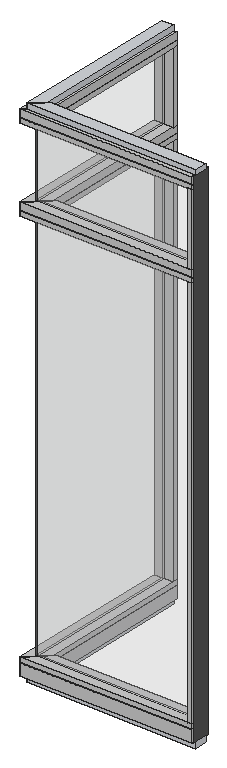
Revit family "Haworth_Enclose_Wall_GlassCornerTransom", category Furniture Systems, Revit 2018
Family settings
  Round Connector Dimension = Use Diameter
  Part Type = Normal
  OmniClass Number = 23.25.40.14
  OmniClass Title = Demountable Partitions
  Work Plane-Based = No
  Always vertical = Yes
  Cut with Voids When Loaded = No
  Shared = Yes
  Room Calculation Point = No
Parameters (values of type "36" x 108"_90 Degree")
  Width 1 = 36"
  Warranty = "http://www.haworth.com/resources/product-info/warranties"
  URL - Product = "http://www.haworth.com/products/architectural-interiors/moveable-walls/enclose"
  Type Comments = ""
  Sustainability Info = "http://www.haworth.com/company-info/sustainablility"
  Panel Height 2 = Actual Height - Actual Glass Panel Height - Horizontal Transom Frame Width - Horizontal Top Adjuster Width - Horizontal Frame Width  # 14"
  Model = "Haworth - Enclose Wall"  # constant formula
  Material Options = "http://surfaces.haworth.com/haworth-surface-collection"
  Width 2 = 36"
  Vertical Frame Width = 0.875"  # constant formula
  URL = "www.haworth.com"
  Size = "Verify Final Dim. w/ Haworth"  # constant formula
  Revision Number = "3"  # constant formula
  Panel Width = Actual Width 2 - (2 * Vertical Frame Width) - (2 * End of Run Width)  # 33.94"
  Panel Height 1 = Actual Glass Panel Height - Horizontal Bottom Adjuster Width - Horizontal Frame Width  # 83.255"
  Panel Depth = 0.4"  # constant formula
  Min/Max Width = "8-60 in."  # constant formula
  Min/Max Height = "92-144 in."  # constant formula
  Horizontal Transom Frame Width = 2.5"  # constant formula
  Horizontal Top Trim Width = 1.43"  # constant formula
  Horizontal Top Adjuster Width = Cap Height + Horizontal Top Trim Width + 0.195"  # 2.625"
  Horizontal Bottom Adjuster Width = Base Height + Horizontal Bottom Trim Width + 0.195"  # 3.87"
  Glazing Connector_90 = and(Glazing Connector, [90 Degree])  # no
  Glazing Connector_135 = and(Glazing Connector, [135 Degree])  # no
  Glazing Connector = no
  Glass Offset = Horizontal Bottom Adjuster Width + Horizontal Frame Width  # 4.745"
  Glass Finish = Haworth _ Glass _ Clear
  Frame Finish = Haworth _ Metal _ Brushed Aluminum
  End of Run Finish = Haworth _ Polymer _ Black
  Description = "Glass Corner Transom"  # constant formula
  Cut Angle = Angle / 2  # 45.00°
  Ceiling Mount = yes
  Min. Width = 8"  # constant formula
  Max. Width = 60"  # constant formula
  Min. Height = 92"  # constant formula
  Max. Height = 144"  # constant formula
  Manufacturer = "Haworth"  # constant formula
  Horizontal Frame Width = 0.875"  # constant formula
  Horizontal Bottom Trim Width = 2.425"  # constant formula
  Height = 108"
  End of Run Width = 0.155"  # constant formula
  Frame Depth = 4"  # constant formula
  End of Run Right Width [instance] = if(End of Run Right, 1.845", End of Run Width)  # 0.155"
  End of Run Right [instance] = no
  End of Run Left Width [instance] = if(End of Run Left, 1.845", End of Run Width)  # 0.155"
  End of Run Left [instance] = no
  Cap Height = 1"  # constant formula
  Base Height = 1.25"  # constant formula
  Author = "SHAPE Environments, LLC"  # constant formula
  Assembly Code = "C1010200"
  Angle = if([90 Degree], 90.00°, 135.00°)  # 90.00°
  Actual Width 1 = if(Width 1 < Min. Width, Min. Width, if(Width 1 > Max. Width, Max. Width, Width 1))  # 36"
  Actual Width 2 = if(Width 2 < Min. Width, Min. Width, if(Width 2 > Max. Width, Max. Width, Width 2))  # 36"
  Transom Panel Height = Actual Height - Actual Glass Panel Height  # 20"
  Glass Panel Height = 88"
  Actual Height = if(Height < Min. Height, Min. Height, if(Height > Max. Height, Max. Height, Height))  # 108"
  Actual Glass Panel Height = if(Glass Panel Height < 80.59" + Base Height, 80.59" + Base Height, if(Glass Panel Height > Actual Height - Cap Height - 8", Actual Height - Cap Height - 8", Glass Panel Height))  # 88"
  90 Degree = yes
  135 Degree = not([90 Degree])  # no
Types (14): name | Width 1 | Panel Height 2 | Width 2 | Panel Width | Panel Height 1 | Cut Angle | Angle | Actual Width 1 | Actual Width 2 | Transom Panel Height | Glass Panel Height | Actual Glass Panel Height | 90 Degree | 135 Degree
  36" x 108"_90 Degree | 36" | 14" | 36" | 33.94" | 83.255" | 45.00° | 90.00° | 36" | 36" | 20" | 88" | 88" | yes | no
  36" x 108"_135 Degree | 36" | 18" | 36" | 33.94" | 79.255" | 67.50° | 135.00° | 36" | 36" | 24" | 84" | 84" | no | yes
  24" x 108"_90 Degree | 24" | 14" | 24" | 21.94" | 83.255" | 45.00° | 90.00° | 24" | 24" | 20" | 88" | 88" | yes | no
  30" x 108"_90 Degree | 30" | 14" | 30" | 27.94" | 83.255" | 45.00° | 90.00° | 30" | 30" | 20" | 88" | 88" | yes | no
  42" x 108"_90 Degree | 42" | 14" | 42" | 39.94" | 83.255" | 45.00° | 90.00° | 42" | 42" | 20" | 88" | 88" | yes | no
  48" x 108"_90 Degree | 48" | 14" | 48" | 45.94" | 83.255" | 45.00° | 90.00° | 48" | 48" | 20" | 88" | 88" | yes | no
  54" x 108"_90 Degree | 54" | 14" | 54" | 51.94" | 83.255" | 45.00° | 90.00° | 54" | 54" | 20" | 88" | 88" | yes | no
  60" x 108"_90 Degree | 60" | 14" | 60" | 57.94" | 83.255" | 45.00° | 90.00° | 60" | 60" | 20" | 88" | 88" | yes | no
  24" x 108"_135 Degree | 24" | 18" | 24" | 21.94" | 79.255" | 67.50° | 135.00° | 24" | 24" | 24" | 84" | 84" | no | yes
  30" x 108"_135 Degree | 30" | 18" | 30" | 27.94" | 79.255" | 67.50° | 135.00° | 30" | 30" | 24" | 84" | 84" | no | yes
  42" x 108"_135 Degree | 42" | 18" | 42" | 39.94" | 79.255" | 67.50° | 135.00° | 42" | 42" | 24" | 84" | 84" | no | yes
  48" x 108"_135 Degree | 48" | 18" | 48" | 45.94" | 79.255" | 67.50° | 135.00° | 48" | 48" | 24" | 84" | 84" | no | yes
  54" x 108"_135 Degree | 54" | 18" | 54" | 51.94" | 79.255" | 67.50° | 135.00° | 54" | 54" | 24" | 84" | 84" | no | yes
  60" x 108"_135 Degree | 60" | 18" | 60" | 57.94" | 79.255" | 67.50° | 135.00° | 60" | 60" | 24" | 84" | 84" | no | yes
Reference planes (in)
  plane 1 "Center F/B": y = -0.17786
  plane 2: z = 0
  plane 3 "Center L/R": x = -2.36364
  plane 4 "Left": x = -20.36364
  plane 5 "Right": x = 15.63636
  plane 6 "Top": z = 108
  plane 7 "Back": y = 1.82214
  plane 8 "Front": y = -2.17786
  plane 9 "Void 3": x = -2.36364
  plane 10 "Void 1": x = -2.36364
  plane 11 "Right Frame Outside": x = 15.48136
  plane 12 "Right Frame Inside": x = 14.60636
  plane 13 "End of Run Right": x = 15.63636
  plane 14 "Void 2": x = -2.36364
  plane 15 "Top Frame Outside": z = 105.375
  plane 16 "Top Trim Outside": z = 107
  plane 17 "Top Frame Inside": z = 104.5
  plane 18 "Bottom Frame Outside": z = 3.87
  plane 19 "Bottom Adjuster": z = 1.25
  plane 20 "Bottom Frame Inside": z = 4.745
Dimensions and locks (in)
  equal spacing: plane 4 "Left", plane 3 "Center L/R", plane 5 "Right"
  "Actual Width 1": plane 4 "Left" to plane 5 "Right"
  "End of Run Width": plane 11 "Right Frame Outside" to plane 5 "Right"
  "End of Run Right Width": plane 11 "Right Frame Outside" to plane 13 "End of Run Right"
  "Vertical Frame Width": plane 12 "Right Frame Inside" to plane 11 "Right Frame Outside"
  equal spacing: plane 7 "Back", plane 1 "Center F/B", plane 8 "Front"
  "Frame Depth": plane 7 "Back" to plane 8 "Front"
  "Actual Height": plane 6 "Top" to level
  "Cap Height": plane 6 "Top" to plane 16 "Top Trim Outside"
  "Horizontal Frame Width": plane 15 "Top Frame Outside" to plane 17 "Top Frame Inside"
  "Base Height": plane 19 "Bottom Adjuster" to level
  "Horizontal Frame Width": plane 20 "Bottom Frame Inside" to plane 18 "Bottom Frame Outside"
  "Horizontal Bottom Adjuster Width": plane 18 "Bottom Frame Outside" to plane 2
  "Horizontal Top Adjuster Width": plane 6 "Top" to plane 15 "Top Frame Outside"
  locked: nested 2 to plane 4 "Left"
  "Angle": angle plane 8 "Front" to nested 2
  aligned and locked: plane 1 "Center F/B" to nested 1
  aligned and locked: plane 3 "Center L/R" to nested 1
  aligned and locked: plane 3 "Center L/R" to plane 10 "Void 1"
  aligned and locked: plane 3 "Center L/R" to plane 14 "Void 2"
  aligned and locked: plane 3 "Center L/R" to plane 9 "Void 3"
Nested families (in)
  nested 1: "Glass_Corner_Panel_Transom" at (0, 0, 0), Actual Width <- "Actual Width 1", End of Run <- "End of Run Right", type "36" x 108""
    with Panel Width 33.17", End of Run Right Width 0.155", End of Run no, Actual Width 36"
  nested 2: "Glass_Corner_Panel_Transom" at (-18.18578, 18.18578, 0) x (0, 1, 0) z (0, 0, 1), Actual Width <- "Actual Width 2", End of Run <- "End of Run Left", type "36" x 108""
    with Panel Width 33.17", End of Run Right Width 0.155", End of Run no, Actual Width 36"
Definition of nested family "Glass_Corner_Panel_Transom"
  Parameters
    URL - Product = ""
    Transom Panel Height = 20"
    Panel Height 2 = Actual Height - Actual Glass Panel Height - Horizontal Transom Frame Width - Horizontal Top Adjuster Width - Horizontal Frame Width  # 14"
    Panel Height 1 = Actual Glass Panel Height - Horizontal Bottom Adjuster Width - Horizontal Frame Width  # 83.255"
    Material Options = ""
    Warranty = ""
    Vertical Frame Width = 0.875"  # constant formula
    URL = ""
    LEED Data = ""
    Sustainability Info = ""
    Size = ""
    Revision Number = "1"  # constant formula
    Panel Width [instance] = if(and(Glazing Connector_90, Cut Angle = 45.00°), Actual Width - (Vertical Frame Width) - (End of Run Width) - 1.8" - 0.4", if(Cut Angle = 45.00°, Actual Width - (Vertical Frame Width) - (End of Run Width) - 1.8", if(Glazing Connector_135, Actual Width - (Vertical Frame Width) - (End of Run Width) - 1.75" + 1" - 0.4", Actual Width - (Vertical Frame Width) - (End of Run Width) - 1.75" + 1")))  # 33.17"
    Panel Depth = 0.4"  # constant formula
    OmniClass Number = "23.25.40.14"  # constant formula
    Min/Max Width = ""
    Min/Max Height = ""
    Horizontal Transom Frame Width = 2.5"  # constant formula
    Horizontal Top Trim Width = 1.43"  # constant formula
    Horizontal Top Adjuster Width = Cap Height + Horizontal Top Trim Width + 0.195"  # 2.625"
    Horizontal Bottom Adjuster Width = Base Height + Horizontal Bottom Trim Width + 0.195"  # 3.87"
    Glazing Connector_90 = no
    Glazing Connector_135 = no
    Glass Panel Height = 88"
    Glass Offset = Horizontal Bottom Adjuster Width + Horizontal Frame Width  # 4.745"
    Cut Angle = 45.00°
    Min. Width = 8"  # constant formula
    Max. Width = 60"  # constant formula
    Min. Height = 84"  # constant formula
    Max. Height = 144"  # constant formula
    Manufacturer = "Haworth"  # constant formula
    Horizontal Frame Width = 0.875"  # constant formula
    Horizontal Bottom Trim Width = 2.425"  # constant formula
    End of Run Width = 0.155"  # constant formula
    Frame Depth = 4"  # constant formula
    End of Run Right Width [instance] = if(End of Run, 1.845", End of Run Width)  # 0.155"
    End of Run [instance] = no
    Ceiling Mount = yes
    Cap Height = 1"  # constant formula
    Base Height = 1.25"  # constant formula
    Author = "SHAPE Environments, LLC"  # constant formula
    Assembly Code = ""
    Actual Width [instance] = 36"
    Actual Glass Panel Height = 88"
    Actual Height = 108"
    Frame Finish = none
    Glass Finish = none
    End of Run Finish = none
  Reference planes (in)
    plane 1 "Center F/B": y = -0.17786
    plane 2: z = 0
    plane 3 "Center L/R": x = -2.36364
    plane 4 "Void End": x = -20.61364
    plane 5 "Right": x = 15.63636
    plane 6 "Top": z = 108
    plane 7 "Back": y = 1.82214
    plane 8 "Front": y = -2.17786
    plane 9 "Corner": x = -20.36364
    plane 10 "Glass Corner": x = -18.56364
    plane 11 "Right Frame Outside": x = 15.48136
    plane 12 "Right Frame Inside": x = 14.60636
    plane 13 "End of Run Right": x = 15.63636
    plane 14 "Void 1": x = -2.36364
    plane 15 "Top Frame Outside": z = 105.375
    plane 16 "Top Trim Outside": z = 107
    plane 17 "Top Frame Inside": z = 104.5
    plane 18 "Bottom Frame Outside": z = 3.87
    plane 19 "Bottom Adjuster": z = 1.25
    plane 20 "Bottom Frame Inside": z = 4.745
    plane 21 "Transition Trim": z = 89.625
    plane 22 "Transition Frame": z = 88
    plane 23 "Panel Transition": z = 87.125
  Forms (in)
    Sweep 1, solid, material <- "End of Run Finish"
      path origin (0, -0.17786, 0) x (1, 0, 0) y (0, 0, 1)
        loop
          line (15.48136, 107) -> (15.48136, 1.25)
      profile "Haworth_Enclose - Postcap : Right" origin (15.48136, -0.17786, 54.125) x (1, 0, 0) y (0, -1, 0)
        loop
          line (0, 1.805) -> (0, -1.805) -> (0.155, -1.805) -> (0.155, 1.805) -> (0, 1.805)
    Sweep 2, solid, material <- "Frame Finish"
      path origin (0, -0.17786, 0) x (1, 0, 0) y (0, 0, 1)
        loop
          line (15.48136, 87.125) -> (15.48136, 4.745)
      profile "Haworth_Enclose - Vertical_Frame : Vertical" origin (15.48136, -0.17786, 45.935) x (1, 0, 0) y (0, -1, 0)
        loop
          line (0, 2) -> (-0.875, 2) -> (-0.875, -2) -> (0, -2) -> (0, 2)
    Sweep 3, solid, material <- "Frame Finish"
      path origin (0, -0.17786, 0) x (1, 0, 0) y (0, 0, 1)
        loop
          line (15.48136, 104.5) -> (-20.36364, 104.5)
      profile "Haworth_Enclose - Horizontal_Frame : Horizontal" origin (-2.44114, -0.17786, 104.5) x (0, 0, -1) y (0, -1, 0)
        loop
          line (0, -2) -> (0, 2) -> (-0.875, 2) -> (-0.875, -2) -> (0, -2)
    Sweep 4, solid, material <- "Frame Finish"
      path origin (0, -0.17786, 0) x (1, 0, 0) y (0, 0, 1)
        loop
          line (-20.36364, 107) -> (15.48136, 107)
      profile "Haworth_Enclose - Horizontal_Trim : Top" origin (-2.44114, -0.17786, 107) x (0, 0, 1) y (0, -1, 0)
        loop
          line (0, -2) -> (0, 2) -> (-1.43, 2) -> (-1.43, 1.805) -> (-1.625, 1.805) -> (-1.625, -1.805) -> (-1.43, -1.805) -> (-1.43, -2) -> (0, -2)
    Sweep 5, solid, visible <- "Ceiling Mount"
      path origin (0, -0.17786, 0) x (1, 0, 0) y (0, 0, 1)
        loop
          line (-20.36364, 108) -> (15.63636, 108)
      profile "Haworth_Enclose - Horizontal_Track : Ceiling" origin (-2.36364, -0.17786, 108) x (0, 0, 1) y (0, -1, 0)
        loop
          line (0, -1.28) -> (0, 1.28) -> (-1, 1.28) -> (-1, -1.28) -> (0, -1.28)
    Sweep 6, solid
      path origin (0, -0.17786, 0) x (1, 0, 0) y (0, 0, 1)
        loop
          line (15.63636, 0) -> (-20.36364, 0)
      profile "Haworth_Enclose - Horizontal_Track : Base" origin (-2.36364, -0.17786, 0) x (0, 0, -1) y (0, -1, 0)
        loop
          line (0, -1.28) -> (0, 1.28) -> (-1.25, 1.28) -> (-1.25, -1.28) -> (0, -1.28)
    Sweep 7, solid, material <- "Frame Finish"
      path origin (0, -0.17786, 0) x (1, 0, 0) y (0, 0, 1)
        loop
          line (-20.36364, 4.745) -> (15.48136, 4.745)
      profile "Haworth_Enclose - Horizontal_Frame : Horizontal" origin (-2.44114, -0.17786, 4.745) x (0, 0, 1) y (0, -1, 0)
        loop
          line (0, -2) -> (0, 2) -> (-0.875, 2) -> (-0.875, -2) -> (0, -2)
    Sweep 8, solid, material <- "Frame Finish"
      path origin (0, -0.17786, 0) x (1, 0, 0) y (0, 0, 1)
        loop
          line (15.48136, 1.25) -> (-20.36364, 1.25)
      profile "Haworth_Enclose - Horizontal_Trim : Bottom" origin (-2.44114, -0.17786, 1.25) x (0, 0, -1) y (0, -1, 0)
        loop
          line (0, -2) -> (0, 2) -> (-2.425, 2) -> (-2.425, 1.805) -> (-2.62, 1.805) -> (-2.62, -1.805) -> (-2.425, -1.805) -> (-2.425, -2) -> (0, -2)
    Extrusion 9, void
      sketch origin (0, 0, 0) x (1, 0, 0) y (0, 1, 0)
        loop
          line (-20.61364, 1.82214) -> (-20.61364, -2.17786) -> (-20.36364, -2.17786) -> (-16.36364, 1.82214) -> (-20.61364, 1.82214)
      from 0 to 108
    Sweep 10, solid, material <- "Frame Finish"
      path origin (0, -0.17786, -22) x (1, 0, 0) y (0, 0, 1)
        loop
          line (15.48136, 109.125) -> (-20.36364, 109.125)
      profile "Haworth_Enclose - Horizontal_Frame : Horizontal" origin (-2.44114, -0.17786, 87.125) x (0, 0, -1) y (0, -1, 0)
        loop
          line (0, -2) -> (0, 2) -> (-0.875, 2) -> (-0.875, -2) -> (0, -2)
    Sweep 11, solid, material <- "Frame Finish"
      path origin (0, -0.17786, -22) x (1, 0, 0) y (0, 0, 1)
        loop
          line (-20.36364, 111.625) -> (15.48136, 111.625)
      profile "Haworth_Enclose - Horizontal_Trim : Transom" origin (-2.44114, -0.17786, 89.625) x (0, 0, 1) y (0, -1, 0)
        loop
          line (0, -2) -> (0, 2) -> (-1.43, 2) -> (-1.43, 1.805) -> (-1.625, 1.805) -> (-1.625, -1.805) -> (-1.43, -1.805) -> (-1.43, -2) -> (0, -2)
    Sweep 12, solid, material <- "Frame Finish"
      path origin (0, -0.17786, 104) x (1, 0, 0) y (0, 0, 1)
        loop
          line (15.48136, 0.5) -> (15.48136, -14.375)
      profile "Haworth_Enclose - Vertical_Frame : Vertical" origin (15.48136, -0.17786, 97.0625) x (1, 0, 0) y (0, -1, 0)
        loop
          line (0, 2) -> (-0.875, 2) -> (-0.875, -2) -> (0, -2) -> (0, 2)
    Extrusion 13, solid, material <- "Frame Finish", visible <- "Glazing Connector_90"
      sketch origin (0, 0, 0) x (1, 0, 0) y (0, 1, 0)
        loop
          line (-18.56364, -0.37786) -> (-18.16364, -0.37786) -> (-18.16364, 0.02214) -> (-18.56364, -0.37786)
      from 4.745 to 87.125
    Extrusion 14, solid, material <- "Frame Finish", visible <- "Glazing Connector_135"
      sketch origin (-0.65, 0, 0) x (1, 0, 0) y (0, 1, 0)
        loop
          line (-18.56364, 0.02214) -> (-18.80236, 0.02214) -> (-18.96804, -0.37786) -> (-18.56364, -0.37786) -> (-18.56364, 0.02214)
      from 4.745 to 87.125
    Extrusion 15, solid, material <- "Frame Finish", visible <- "Glazing Connector_135"
      sketch origin (-0.65, 0, 0) x (1, 0, 0) y (0, 1, 0)
        loop
          line (-18.56364, 0.02214) -> (-18.80236, 0.02214) -> (-18.96804, -0.37786) -> (-18.56364, -0.37786) -> (-18.56364, 0.02214)
      from 89.625 to 104.5
    Extrusion 16, solid, material <- "Frame Finish", visible <- "Glazing Connector_90"
      sketch origin (0, 0, 0) x (1, 0, 0) y (0, 1, 0)
        loop
          line (-18.56364, -0.37786) -> (-18.16364, -0.37786) -> (-18.16364, 0.02214) -> (-18.56364, -0.37786)
      from 89.625 to 104.5
  Cuts and joins
    Extrusion 9 cuts Sweep 6
    Extrusion 9 cuts Sweep 7
    Extrusion 9 cuts Sweep 8
    Extrusion 9 cuts Sweep 5
    Extrusion 9 cuts Sweep 4
    Extrusion 9 cuts Sweep 3
    Extrusion 9 cuts Sweep 11
    Extrusion 9 cuts Sweep 10
  Lines and regions (in)
    Masking region 1
      outline origin (0, 4.375, 0) x (1, 0, 0) y (0, 1, 0)
        loop
          line (-16.36364, -2.55286) -> (-20.36364, -6.55286) -> (15.63636, -6.55286) -> (15.63636, -2.55286) -> (-16.36364, -2.55286)
    symbolic lines, detail levels medium+fine
      curve 1: line (14.60636, 1.82214, 0) -> (14.60636, -2.17786, 0)
      curve 2: line (14.60636, -0.37786, 0) -> (-18.56364, -0.37786, 0)
      curve 3: line (14.60636, 0.02214, 0) -> (-18.16364, 0.02214, 0)
      curve 5: line (-18.56364, -0.37786, 0) -> (-18.16364, 0.02214, 0)
    reference lines
      curve 4: line (-20.36364, -2.17786, 0) -> (-16.121, 2.06478, 0)
    symbolic lines
      curve 6: line (15.63636, 1.82214, 0) -> (-4.36364, 1.82214, 0)
      curve 7: line (-20.36364, -2.17786, 0) -> (15.63636, -2.17786, 0)
      curve 8: line (15.63636, -2.17786, 0) -> (15.63636, 1.82214, 0)
    symbolic lines, visible <- "Glazing Connector_135"
      curve 9: line (-19.61804, -0.37786, 0) -> (-19.21364, -0.37786, 0)
      curve 10: line (-19.21364, -0.37786, 0) -> (-19.21364, 0.02214, 0)
    symbolic lines, visible <- "Glazing Connector_90"
      curve 11: line (-18.56364, -0.37786, 0) -> (-18.16364, -0.37786, 0)
      curve 12: line (-18.16364, 0.02214, 0) -> (-18.16364, -0.37786, 0)
  Dimensions and locks (in)
    equal spacing: plane 9 "Corner", plane 3 "Center L/R", plane 5 "Right"
    "Actual Width": plane 9 "Corner" to plane 5 "Right"
    "End of Run Width": plane 11 "Right Frame Outside" to plane 5 "Right"
    "End of Run Right Width": plane 11 "Right Frame Outside" to plane 13 "End of Run Right"
    "Vertical Frame Width": plane 12 "Right Frame Inside" to plane 11 "Right Frame Outside"
    equal spacing: plane 7 "Back", plane 1 "Center F/B", plane 8 "Front"
    "Frame Depth": plane 7 "Back" to plane 8 "Front"
    "Actual Height": plane 6 "Top" to level
    "Cap Height": plane 6 "Top" to plane 16 "Top Trim Outside"
    "Horizontal Frame Width": plane 15 "Top Frame Outside" to plane 17 "Top Frame Inside"
    "Base Height": plane 19 "Bottom Adjuster" to level
    "Horizontal Frame Width": plane 20 "Bottom Frame Inside" to plane 18 "Bottom Frame Outside"
    "Horizontal Bottom Adjuster Width": plane 18 "Bottom Frame Outside" to plane 2
    "Horizontal Top Adjuster Width": plane 6 "Top" to plane 15 "Top Frame Outside"
    locked: plane 9 "Corner" to plane 10 "Glass Corner" at 1.8
    locked: plane 4 "Void End" to plane 9 "Corner" at 0.25
    "Horizontal Transom Frame Width": plane 21 "Transition Trim" to plane 23 "Panel Transition"
    "Horizontal Frame Width": plane 22 "Transition Frame" to plane 23 "Panel Transition"
    "Actual Glass Panel Height": plane 22 "Transition Frame" to plane 2
    locked: Extrusion 14 to plane 10 "Glass Corner" at 0.65
    "Cut Angle": angle plane 8 "Front" to curve 4
    aligned and locked: Sweep 1 sketch curve to plane 11 "Right Frame Outside"
    aligned and locked: Sweep 2 sketch curve to plane 11 "Right Frame Outside"
    aligned and locked: plane 20 "Bottom Frame Inside" to Sweep 2 sketch curve
    aligned: plane 3 "Center L/R" to nested 1
    aligned and locked: plane 1 "Center F/B" to nested 1
    aligned and locked: nested 1 to plane 20 "Bottom Frame Inside"
    aligned and locked: curve 1 to Sweep 2
    aligned and locked: curve 2 to nested 1
    aligned and locked: curve 3 to nested 1
    aligned and locked: plane 17 "Top Frame Inside" to Sweep 3 sketch curve
    aligned and locked: plane 9 "Corner" to Sweep 3 sketch curve
    aligned and locked: plane 11 "Right Frame Outside" to Sweep 3 sketch curve
    aligned and locked: Sweep 4 sketch curve to plane 16 "Top Trim Outside"
    aligned and locked: plane 11 "Right Frame Outside" to Sweep 4 sketch curve
    aligned and locked: plane 9 "Corner" to Sweep 4 sketch curve
    aligned and locked: Sweep 5 sketch curve to plane 6 "Top"
    aligned and locked: plane 13 "End of Run Right" to Sweep 5 sketch curve
    aligned and locked: level to Sweep 6 sketch curve
    aligned and locked: plane 13 "End of Run Right" to Sweep 6 sketch curve
    aligned and locked: Sweep 7 sketch curve to plane 20 "Bottom Frame Inside"
    aligned and locked: plane 11 "Right Frame Outside" to Sweep 7 sketch curve
    aligned and locked: plane 9 "Corner" to Sweep 7 sketch curve
    aligned and locked: plane 19 "Bottom Adjuster" to Sweep 8 sketch curve
    aligned and locked: plane 9 "Corner" to Sweep 8 sketch curve
    aligned and locked: plane 11 "Right Frame Outside" to Sweep 8 sketch curve
    aligned and locked: plane 9 "Corner" to Sweep 5 sketch curve
    aligned and locked: plane 9 "Corner" to Sweep 6 sketch curve
    aligned and locked: plane 12 "Right Frame Inside" to nested 1
    aligned and locked: curve 4 to curve 3
    aligned and locked: plane 8 "Front" to Masking region 1 sketch curve
    aligned and locked: Masking region 1 sketch curve to plane 7 "Back"
    aligned and locked: Masking region 1 sketch curve to curve 4
    aligned and locked: Masking region 1 sketch curve to plane 13 "End of Run Right"
    aligned and locked: Extrusion 9 sketch curve to plane 8 "Front"
    aligned and locked: Extrusion 9 sketch curve to curve 4
    aligned and locked: plane 7 "Back" to Extrusion 9 sketch curve
    aligned and locked: Extrusion 9 sketch curve to plane 4 "Void End"
    aligned and locked: plane 3 "Center L/R" to plane 14 "Void 1"
    aligned and locked: plane 6 "Top" to Extrusion 9
    aligned and locked: curve 4 to curve 5
    aligned and locked: nested 1 to curve 5  (x2)
    aligned and locked: curve 6 to Masking region 1
    aligned and locked: curve 7 to Masking region 1
    aligned and locked: curve 8 to Masking region 1
    aligned and locked: plane 16 "Top Trim Outside" to Sweep 1 sketch curve
    aligned and locked: plane 19 "Bottom Adjuster" to Sweep 1 sketch curve
    aligned and locked: Sweep 11 sketch curve to plane 21 "Transition Trim"
    aligned and locked: plane 11 "Right Frame Outside" to Sweep 11 sketch curve
    aligned and locked: plane 9 "Corner" to Sweep 11 sketch curve
    aligned and locked: plane 23 "Panel Transition" to Sweep 10 sketch curve
    aligned and locked: plane 9 "Corner" to Sweep 10 sketch curve
    aligned and locked: plane 11 "Right Frame Outside" to Sweep 10 sketch curve
    aligned and locked: plane 23 "Panel Transition" to Sweep 2 sketch curve
    aligned and locked: plane 21 "Transition Trim" to Sweep 12 sketch curve
    aligned and locked: plane 17 "Top Frame Inside" to Sweep 12 sketch curve
    aligned and locked: Sweep 12 sketch curve to plane 11 "Right Frame Outside"
    aligned and locked: nested 2 to plane 21 "Transition Trim"
    aligned and locked: Extrusion 13 to plane 20 "Bottom Frame Inside"
    aligned and locked: Extrusion 14 to plane 20 "Bottom Frame Inside"
    aligned and locked: plane 23 "Panel Transition" to Extrusion 14
    aligned and locked: plane 23 "Panel Transition" to Extrusion 13
    aligned and locked: plane 17 "Top Frame Inside" to Extrusion 15
    aligned and locked: Extrusion 15 to plane 21 "Transition Trim"
    aligned and locked: plane 17 "Top Frame Inside" to Extrusion 16
    aligned and locked: Extrusion 16 to plane 21 "Transition Trim"
    aligned and locked: plane 12 "Right Frame Inside" to nested 2
  Automatic sketch dimensions
    curve 7 to plane 9 "Corner" = 0"
    plane 1 "Center F/B" to curve 9 = 0.2"
    plane 9 "Corner" to curve 9 = 0.7456"
    curve 9 to curve 9 = 0.4044"
    curve 6 to plane 3 "Center L/R" = 2"
    curve 10 to plane 1 "Center F/B" = 0.2"
    curve 4 to plane 8 "Front" = 0"
    curve 4 to plane 9 "Corner" = 0"
    Extrusion 13 sketch curve to plane 10 "Glass Corner" = 0"
    Extrusion 13 sketch curve to Extrusion 13 sketch curve = 0.4"
    plane 1 "Center F/B" to Extrusion 13 sketch curve = 0.2"
    Extrusion 13 sketch curve to plane 1 "Center F/B" = 0.2"
    plane 1 "Center F/B" to Extrusion 14 sketch curve = 0.2"
    plane 9 "Corner" to Extrusion 14 sketch curve = 0.7456"
    Extrusion 14 sketch curve to plane 1 "Center F/B" = 0.2"
    Extrusion 14 sketch curve to Extrusion 14 sketch curve = 0.16569"
    Extrusion 14 sketch curve to Extrusion 14 sketch curve = 0.4044"
    plane 1 "Center F/B" to Extrusion 15 sketch curve = 0.2"
    plane 9 "Corner" to Extrusion 15 sketch curve = 0.7456"
    Extrusion 15 sketch curve to plane 1 "Center F/B" = 0.2"
    Extrusion 15 sketch curve to Extrusion 15 sketch curve = 0.16569"
    Extrusion 15 sketch curve to Extrusion 15 sketch curve = 0.4044"
    plane 10 "Glass Corner" to Extrusion 16 sketch curve = 0"
    Extrusion 16 sketch curve to Extrusion 16 sketch curve = 0.4"
    plane 1 "Center F/B" to Extrusion 16 sketch curve = 0.2"
    Extrusion 16 sketch curve to plane 1 "Center F/B" = 0.2"
  Nested families (in)
    nested 1: "Haworth_Enclose - Panel_Glass" at (-3.15885, -0.14763, 4.745), type "Glass"
      with Panel Width 33.17", Panel Height 83.255", Panel Depth 0.4"
    nested 2: "Haworth_Enclose - Panel_Glass" at (-3.15885, -0.14763, 89.625), type "Glass_Transom"
      with Panel Width 33.17", Panel Height 14", Panel Depth 0.4"
  Definition of nested family "Haworth_Enclose - Panel_Glass"
    Parameters
      Panel Width = 36"
      Panel Height = 108"
      Panel Finish = none
      Panel Depth = 0.5"
    Reference planes (in)
      plane 1 "Center F/B": y = -0.03024
      plane 2: z = 0
      plane 3 "Center L/R": x = 1.1802
      plane 4 "Left": x = -16.8198
      plane 5 "Right": x = 19.1802
      plane 6 "Back": y = 0.21976
      plane 7 "Front": y = -0.28024
      plane 8 "Top": z = 108
    Forms (in)
      Extrusion 1, solid, material <- "Panel Finish"
        sketch origin (0, -0.03024, 0) x (1, 0, 0) y (0, 0, 1)
          loop
            line (-16.8198, 108) -> (-16.8198, 0) -> (19.1802, 0) -> (19.1802, 108) -> (-16.8198, 108)
        from -0.25 to 0.25
    Dimensions and locks (in)
      "Panel Height": plane 8 "Top" to level
      equal spacing: plane 6 "Back", plane 1 "Center F/B", plane 7 "Front"
      "Panel Depth": plane 6 "Back" to plane 7 "Front"
      equal spacing: plane 4 "Left", plane 3 "Center L/R", plane 5 "Right"
      "Panel Width": plane 4 "Left" to plane 5 "Right"
      aligned and locked: plane 4 "Left" to Extrusion 1 sketch curve
      aligned and locked: Extrusion 1 sketch curve to plane 8 "Top"
      aligned and locked: level to Extrusion 1 sketch curve
      aligned and locked: Extrusion 1 sketch curve to plane 5 "Right"
      aligned and locked: plane 6 "Back" to Extrusion 1
      aligned and locked: Extrusion 1 to plane 7 "Front"
